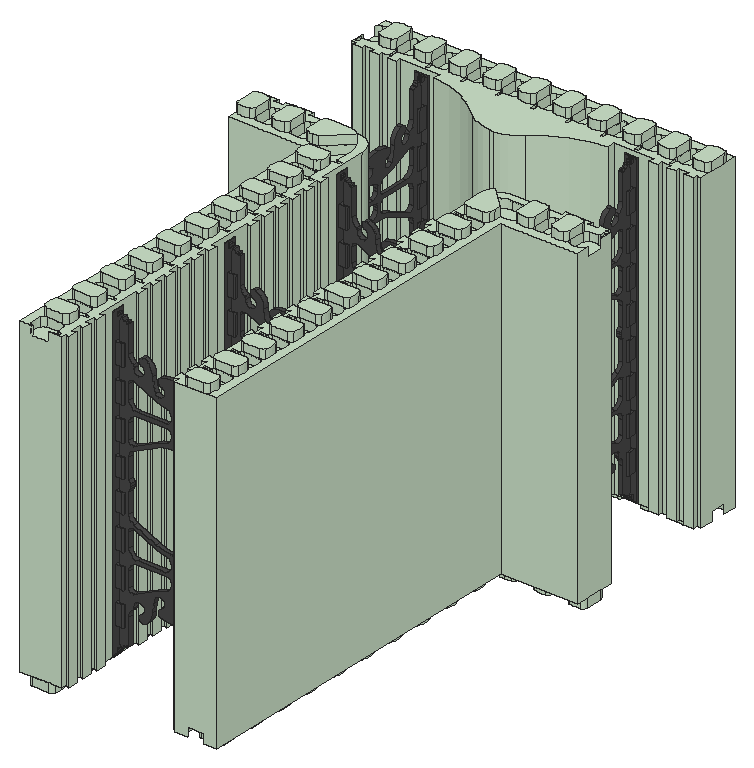
Revit family (continued)
Forms (in)
  Extrusion 47, void
    sketch origin (0, 12, 0) x (-1, 0, 0) y (0, -1, 0)
      loop
        arc (-5.13595, 25.17306) -> (-5.04517, 25.04783) -> (-4.89808, 24.99998) r 0.25
        line (-4.89808, 24.99998) -> (-3.97692, 24.99998)
        arc (-3.97692, 24.99998) -> (-3.82983, 25.04783) -> (-3.73905, 25.17306) r 0.25
        arc (-3.73905, 25.17306) -> (-3.69045, 25.4209) -> (-3.70172, 25.67321) r 1.0625
        arc (-3.70172, 25.67321) -> (-3.68771, 25.72383) -> (-3.64005, 25.7459) r 0.0625
        line (-3.64005, 25.7459) -> (-3.41845, 25.7459) -> (-3.41845, 25.91673) -> (-3.76455, 25.91673)
        arc (-3.76455, 25.91673) -> (-3.78736, 25.92104) -> (-3.80702, 25.93338) r 0.0625
        arc (-3.80702, 25.93338) -> (-3.88568, 25.98274) -> (-3.97692, 25.99998) r 0.25
        line (-3.97692, 25.99998) -> (-4.89808, 25.99998)
        arc (-4.89808, 25.99998) -> (-5.04517, 25.95213) -> (-5.13595, 25.8269) r 0.25
        arc (-5.13595, 25.8269) -> (-5.1875, 25.49998) -> (-5.13595, 25.17306) r 1.0625
    from 0 to 0.5
  Extrusion 48, void
    sketch origin (0, 14, 0) x (-1, 0, 0) y (0, -1, 0)
      loop
        arc (-5.13595, 25.17306) -> (-5.04517, 25.04783) -> (-4.89808, 24.99998) r 0.25
        line (-4.89808, 24.99998) -> (-3.97692, 24.99998)
        arc (-3.97692, 24.99998) -> (-3.82983, 25.04783) -> (-3.73905, 25.17306) r 0.25
        arc (-3.73905, 25.17306) -> (-3.69045, 25.4209) -> (-3.70172, 25.67321) r 1.0625
        arc (-3.70172, 25.67321) -> (-3.68771, 25.72383) -> (-3.64005, 25.7459) r 0.0625
        line (-3.64005, 25.7459) -> (-3.41845, 25.7459) -> (-3.41845, 25.91673) -> (-3.76455, 25.91673)
        arc (-3.76455, 25.91673) -> (-3.78736, 25.92104) -> (-3.80702, 25.93338) r 0.0625
        arc (-3.80702, 25.93338) -> (-3.88568, 25.98274) -> (-3.97692, 25.99998) r 0.25
        line (-3.97692, 25.99998) -> (-4.89808, 25.99998)
        arc (-4.89808, 25.99998) -> (-5.04517, 25.95213) -> (-5.13595, 25.8269) r 0.25
        arc (-5.13595, 25.8269) -> (-5.1875, 25.49998) -> (-5.13595, 25.17306) r 1.0625
    from 0 to 0.5
  Extrusion 49, void
    sketch origin (0, 16, 0) x (-1, 0, 0) y (0, -1, 0)
      loop
        arc (-5.13595, 25.17306) -> (-5.04517, 25.04783) -> (-4.89808, 24.99998) r 0.25
        line (-4.89808, 24.99998) -> (-3.97692, 24.99998)
        arc (-3.97692, 24.99998) -> (-3.82983, 25.04783) -> (-3.73905, 25.17306) r 0.25
        arc (-3.73905, 25.17306) -> (-3.69045, 25.4209) -> (-3.70172, 25.67321) r 1.0625
        arc (-3.70172, 25.67321) -> (-3.68771, 25.72383) -> (-3.64005, 25.7459) r 0.0625
        line (-3.64005, 25.7459) -> (-3.41845, 25.7459) -> (-3.41845, 25.91673) -> (-3.76455, 25.91673)
        arc (-3.76455, 25.91673) -> (-3.78736, 25.92104) -> (-3.80702, 25.93338) r 0.0625
        arc (-3.80702, 25.93338) -> (-3.88568, 25.98274) -> (-3.97692, 25.99998) r 0.25
        line (-3.97692, 25.99998) -> (-4.89808, 25.99998)
        arc (-4.89808, 25.99998) -> (-5.04517, 25.95213) -> (-5.13595, 25.8269) r 0.25
        arc (-5.13595, 25.8269) -> (-5.1875, 25.49998) -> (-5.13595, 25.17306) r 1.0625
    from 0 to 0.5
  Extrusion 50, void
    sketch origin (0, 18, 0) x (-1, 0, 0) y (0, -1, 0)
      loop
        arc (-5.13595, 25.17306) -> (-5.04517, 25.04783) -> (-4.89808, 24.99998) r 0.25
        line (-4.89808, 24.99998) -> (-3.97692, 24.99998)
        arc (-3.97692, 24.99998) -> (-3.82983, 25.04783) -> (-3.73905, 25.17306) r 0.25
        arc (-3.73905, 25.17306) -> (-3.69045, 25.4209) -> (-3.70172, 25.67321) r 1.0625
        arc (-3.70172, 25.67321) -> (-3.68771, 25.72383) -> (-3.64005, 25.7459) r 0.0625
        line (-3.64005, 25.7459) -> (-3.41845, 25.7459) -> (-3.41845, 25.91673) -> (-3.76455, 25.91673)
        arc (-3.76455, 25.91673) -> (-3.78736, 25.92104) -> (-3.80702, 25.93338) r 0.0625
        arc (-3.80702, 25.93338) -> (-3.88568, 25.98274) -> (-3.97692, 25.99998) r 0.25
        line (-3.97692, 25.99998) -> (-4.89808, 25.99998)
        arc (-4.89808, 25.99998) -> (-5.04517, 25.95213) -> (-5.13595, 25.8269) r 0.25
        arc (-5.13595, 25.8269) -> (-5.1875, 25.49998) -> (-5.13595, 25.17306) r 1.0625
    from 0 to 0.5
  Extrusion 51, void
    sketch origin (0.00002, 0.00002, 0) x (0, -1, 0) y (1, 0, 0)
      loop
        arc (5.67323, 3.7017) -> (5.72385, 3.68769) -> (5.74592, 3.64003) r 0.0625
        line (5.74592, 3.64003) -> (5.74592, 3.41844) -> (5.91675, 3.41844) -> (5.91675, 3.76453)
        arc (5.91675, 3.76453) -> (5.92106, 3.78734) -> (5.9334, 3.807) r 0.0625
        arc (5.9334, 3.807) -> (5.98276, 3.88566) -> (6, 3.9769) r 0.25
        line (6, 3.9769) -> (6, 4.89806)
        arc (6, 4.89806) -> (5.95215, 5.04515) -> (5.82692, 5.13593) r 0.25
        arc (5.82692, 5.13593) -> (5.66548, 5.17452) -> (5.5, 5.18748) r 1.0625
        line (5.5, 5.18748) -> (5.1875, 5.18748) -> (3.98039, 3.98037)
        arc (3.98039, 3.98037) -> (4.30482, 3.7636) -> (4.6875, 3.68748) r 1
        line (4.6875, 3.68748) -> (5.5, 3.68748)
        arc (5.5, 3.68748) -> (5.58691, 3.69104) -> (5.67323, 3.7017) r 1.0625
    from 0 to 0.5
  Extrusion 52, void
    sketch origin (31.99998, 0.00002, 0) x (0, 1, 0) y (-1, 0, 0)
      loop
        arc (-5.13595, 25.17306) -> (-5.04517, 25.04783) -> (-4.89808, 24.99998) r 0.25
        line (-4.89808, 24.99998) -> (-3.97692, 24.99998)
        arc (-3.97692, 24.99998) -> (-3.82983, 25.04783) -> (-3.73905, 25.17306) r 0.25
        arc (-3.73905, 25.17306) -> (-3.69045, 25.4209) -> (-3.70172, 25.67321) r 1.0625
        arc (-3.70172, 25.67321) -> (-3.68771, 25.72383) -> (-3.64005, 25.7459) r 0.0625
        line (-3.64005, 25.7459) -> (-3.41845, 25.7459) -> (-3.41845, 25.91673) -> (-3.76455, 25.91673)
        arc (-3.76455, 25.91673) -> (-3.78736, 25.92104) -> (-3.80702, 25.93338) r 0.0625
        arc (-3.80702, 25.93338) -> (-3.88568, 25.98274) -> (-3.97692, 25.99998) r 0.25
        line (-3.97692, 25.99998) -> (-4.89808, 25.99998)
        arc (-4.89808, 25.99998) -> (-5.04517, 25.95213) -> (-5.13595, 25.8269) r 0.25
        arc (-5.13595, 25.8269) -> (-5.1875, 25.49998) -> (-5.13595, 25.17306) r 1.0625
    from 0 to 0.5
  Extrusion 53, void
    sketch origin (33.99998, 0.00002, 0) x (0, 1, 0) y (-1, 0, 0)
      loop
        arc (-5.13595, 25.17306) -> (-5.04517, 25.04783) -> (-4.89808, 24.99998) r 0.25
        line (-4.89808, 24.99998) -> (-3.97692, 24.99998)
        arc (-3.97692, 24.99998) -> (-3.82983, 25.04783) -> (-3.73905, 25.17306) r 0.25
        arc (-3.73905, 25.17306) -> (-3.69045, 25.4209) -> (-3.70172, 25.67321) r 1.0625
        arc (-3.70172, 25.67321) -> (-3.68771, 25.72383) -> (-3.64005, 25.7459) r 0.0625
        line (-3.64005, 25.7459) -> (-3.41845, 25.7459) -> (-3.41845, 25.91673) -> (-3.76455, 25.91673)
        arc (-3.76455, 25.91673) -> (-3.78736, 25.92104) -> (-3.80702, 25.93338) r 0.0625
        arc (-3.80702, 25.93338) -> (-3.88568, 25.98274) -> (-3.97692, 25.99998) r 0.25
        line (-3.97692, 25.99998) -> (-4.89808, 25.99998)
        arc (-4.89808, 25.99998) -> (-5.04517, 25.95213) -> (-5.13595, 25.8269) r 0.25
        arc (-5.13595, 25.8269) -> (-5.1875, 25.49998) -> (-5.13595, 25.17306) r 1.0625
    from 0 to 0.5
  Extrusion 54, void
    sketch origin (15.99998, -0.00002, 0) x (0, -1, 0) y (1, 0, 0)
      loop
        arc (-5.13595, -25.17306) -> (-5.1875, -25.49998) -> (-5.13595, -25.8269) r 1.0625
        arc (-5.13595, -25.8269) -> (-5.04517, -25.95213) -> (-4.89808, -25.99998) r 0.25
        line (-4.89808, -25.99998) -> (-3.97692, -25.99998)
        arc (-3.97692, -25.99998) -> (-3.88568, -25.98274) -> (-3.80702, -25.93338) r 0.25
        arc (-3.80702, -25.93338) -> (-3.78736, -25.92104) -> (-3.76455, -25.91673) r 0.0625
        line (-3.76455, -25.91673) -> (-3.41845, -25.91673) -> (-3.41845, -25.7459) -> (-3.64005, -25.7459)
        arc (-3.64005, -25.7459) -> (-3.68771, -25.72383) -> (-3.70172, -25.67321) r 0.0625
        arc (-3.70172, -25.67321) -> (-3.69045, -25.4209) -> (-3.73905, -25.17306) r 1.0625
        arc (-3.73905, -25.17306) -> (-3.82983, -25.04783) -> (-3.97692, -24.99998) r 0.25
        line (-3.97692, -24.99998) -> (-4.89808, -24.99998)
        arc (-4.89808, -24.99998) -> (-5.04517, -25.04783) -> (-5.13595, -25.17306) r 0.25
    from 18 to 17.5
  Extrusion 55, void
    sketch origin (17.99998, -0.00002, 0) x (0, -1, 0) y (1, 0, 0)
      loop
        arc (-5.13595, -25.17306) -> (-5.1875, -25.49998) -> (-5.13595, -25.8269) r 1.0625
        arc (-5.13595, -25.8269) -> (-5.04517, -25.95213) -> (-4.89808, -25.99998) r 0.25
        line (-4.89808, -25.99998) -> (-3.97692, -25.99998)
        arc (-3.97692, -25.99998) -> (-3.88568, -25.98274) -> (-3.80702, -25.93338) r 0.25
        arc (-3.80702, -25.93338) -> (-3.78736, -25.92104) -> (-3.76455, -25.91673) r 0.0625
        line (-3.76455, -25.91673) -> (-3.41845, -25.91673) -> (-3.41845, -25.7459) -> (-3.64005, -25.7459)
        arc (-3.64005, -25.7459) -> (-3.68771, -25.72383) -> (-3.70172, -25.67321) r 0.0625
        arc (-3.70172, -25.67321) -> (-3.69045, -25.4209) -> (-3.73905, -25.17306) r 1.0625
        arc (-3.73905, -25.17306) -> (-3.82983, -25.04783) -> (-3.97692, -24.99998) r 0.25
        line (-3.97692, -24.99998) -> (-4.89808, -24.99998)
        arc (-4.89808, -24.99998) -> (-5.04517, -25.04783) -> (-5.13595, -25.17306) r 0.25
    from 18 to 17.5
  Extrusion 56, void
    sketch origin (19.99998, -0.00002, 0) x (0, -1, 0) y (1, 0, 0)
      loop
        arc (-5.13595, -25.17306) -> (-5.1875, -25.49998) -> (-5.13595, -25.8269) r 1.0625
        arc (-5.13595, -25.8269) -> (-5.04517, -25.95213) -> (-4.89808, -25.99998) r 0.25
        line (-4.89808, -25.99998) -> (-3.97692, -25.99998)
        arc (-3.97692, -25.99998) -> (-3.88568, -25.98274) -> (-3.80702, -25.93338) r 0.25
        arc (-3.80702, -25.93338) -> (-3.78736, -25.92104) -> (-3.76455, -25.91673) r 0.0625
        line (-3.76455, -25.91673) -> (-3.41845, -25.91673) -> (-3.41845, -25.7459) -> (-3.64005, -25.7459)
        arc (-3.64005, -25.7459) -> (-3.68771, -25.72383) -> (-3.70172, -25.67321) r 0.0625
        arc (-3.70172, -25.67321) -> (-3.69045, -25.4209) -> (-3.73905, -25.17306) r 1.0625
        arc (-3.73905, -25.17306) -> (-3.82983, -25.04783) -> (-3.97692, -24.99998) r 0.25
        line (-3.97692, -24.99998) -> (-4.89808, -24.99998)
        arc (-4.89808, -24.99998) -> (-5.04517, -25.04783) -> (-5.13595, -25.17306) r 0.25
    from 18 to 17.5
  Extrusion 57, void
    sketch origin (21.99998, -0.00002, 0) x (0, -1, 0) y (1, 0, 0)
      loop
        arc (-5.13595, -25.17306) -> (-5.1875, -25.49998) -> (-5.13595, -25.8269) r 1.0625
        arc (-5.13595, -25.8269) -> (-5.04517, -25.95213) -> (-4.89808, -25.99998) r 0.25
        line (-4.89808, -25.99998) -> (-3.97692, -25.99998)
        arc (-3.97692, -25.99998) -> (-3.88568, -25.98274) -> (-3.80702, -25.93338) r 0.25
        arc (-3.80702, -25.93338) -> (-3.78736, -25.92104) -> (-3.76455, -25.91673) r 0.0625
        line (-3.76455, -25.91673) -> (-3.41845, -25.91673) -> (-3.41845, -25.7459) -> (-3.64005, -25.7459)
        arc (-3.64005, -25.7459) -> (-3.68771, -25.72383) -> (-3.70172, -25.67321) r 0.0625
        arc (-3.70172, -25.67321) -> (-3.69045, -25.4209) -> (-3.73905, -25.17306) r 1.0625
        arc (-3.73905, -25.17306) -> (-3.82983, -25.04783) -> (-3.97692, -24.99998) r 0.25
        line (-3.97692, -24.99998) -> (-4.89808, -24.99998)
        arc (-4.89808, -24.99998) -> (-5.04517, -25.04783) -> (-5.13595, -25.17306) r 0.25
    from 18 to 17.5
  Extrusion 58, void
    sketch origin (23.99998, -0.00002, 0) x (0, -1, 0) y (1, 0, 0)
      loop
        arc (-5.13595, -25.17306) -> (-5.1875, -25.49998) -> (-5.13595, -25.8269) r 1.0625
        arc (-5.13595, -25.8269) -> (-5.04517, -25.95213) -> (-4.89808, -25.99998) r 0.25
        line (-4.89808, -25.99998) -> (-3.97692, -25.99998)
        arc (-3.97692, -25.99998) -> (-3.88568, -25.98274) -> (-3.80702, -25.93338) r 0.25
        arc (-3.80702, -25.93338) -> (-3.78736, -25.92104) -> (-3.76455, -25.91673) r 0.0625
        line (-3.76455, -25.91673) -> (-3.41845, -25.91673) -> (-3.41845, -25.7459) -> (-3.64005, -25.7459)
        arc (-3.64005, -25.7459) -> (-3.68771, -25.72383) -> (-3.70172, -25.67321) r 0.0625
        arc (-3.70172, -25.67321) -> (-3.69045, -25.4209) -> (-3.73905, -25.17306) r 1.0625
        arc (-3.73905, -25.17306) -> (-3.82983, -25.04783) -> (-3.97692, -24.99998) r 0.25
        line (-3.97692, -24.99998) -> (-4.89808, -24.99998)
        arc (-4.89808, -24.99998) -> (-5.04517, -25.04783) -> (-5.13595, -25.17306) r 0.25
    from 18 to 17.5
  Extrusion 59, void
    sketch origin (25.99998, -0.00002, 0) x (0, -1, 0) y (1, 0, 0)
      loop
        arc (-5.13595, -25.17306) -> (-5.1875, -25.49998) -> (-5.13595, -25.8269) r 1.0625
        arc (-5.13595, -25.8269) -> (-5.04517, -25.95213) -> (-4.89808, -25.99998) r 0.25
        line (-4.89808, -25.99998) -> (-3.97692, -25.99998)
        arc (-3.97692, -25.99998) -> (-3.88568, -25.98274) -> (-3.80702, -25.93338) r 0.25
        arc (-3.80702, -25.93338) -> (-3.78736, -25.92104) -> (-3.76455, -25.91673) r 0.0625
        line (-3.76455, -25.91673) -> (-3.41845, -25.91673) -> (-3.41845, -25.7459) -> (-3.64005, -25.7459)
        arc (-3.64005, -25.7459) -> (-3.68771, -25.72383) -> (-3.70172, -25.67321) r 0.0625
        arc (-3.70172, -25.67321) -> (-3.69045, -25.4209) -> (-3.73905, -25.17306) r 1.0625
        arc (-3.73905, -25.17306) -> (-3.82983, -25.04783) -> (-3.97692, -24.99998) r 0.25
        line (-3.97692, -24.99998) -> (-4.89808, -24.99998)
        arc (-4.89808, -24.99998) -> (-5.04517, -25.04783) -> (-5.13595, -25.17306) r 0.25
    from 18 to 17.5
  Extrusion 60, void
    sketch origin (27.99998, -0.00002, 0) x (0, -1, 0) y (1, 0, 0)
      loop
        arc (-5.13595, -25.17306) -> (-5.1875, -25.49998) -> (-5.13595, -25.8269) r 1.0625
        arc (-5.13595, -25.8269) -> (-5.04517, -25.95213) -> (-4.89808, -25.99998) r 0.25
        line (-4.89808, -25.99998) -> (-3.97692, -25.99998)
        arc (-3.97692, -25.99998) -> (-3.88568, -25.98274) -> (-3.80702, -25.93338) r 0.25
        arc (-3.80702, -25.93338) -> (-3.78736, -25.92104) -> (-3.76455, -25.91673) r 0.0625
        line (-3.76455, -25.91673) -> (-3.41845, -25.91673) -> (-3.41845, -25.7459) -> (-3.64005, -25.7459)
        arc (-3.64005, -25.7459) -> (-3.68771, -25.72383) -> (-3.70172, -25.67321) r 0.0625
        arc (-3.70172, -25.67321) -> (-3.69045, -25.4209) -> (-3.73905, -25.17306) r 1.0625
        arc (-3.73905, -25.17306) -> (-3.82983, -25.04783) -> (-3.97692, -24.99998) r 0.25
        line (-3.97692, -24.99998) -> (-4.89808, -24.99998)
        arc (-4.89808, -24.99998) -> (-5.04517, -25.04783) -> (-5.13595, -25.17306) r 0.25
    from 18 to 17.5
  Extrusion 61, void
    sketch origin (29.99998, -0.00002, 0) x (0, -1, 0) y (1, 0, 0)
      loop
        arc (-5.13595, -25.17306) -> (-5.1875, -25.49998) -> (-5.13595, -25.8269) r 1.0625
        arc (-5.13595, -25.8269) -> (-5.04517, -25.95213) -> (-4.89808, -25.99998) r 0.25
        line (-4.89808, -25.99998) -> (-3.97692, -25.99998)
        arc (-3.97692, -25.99998) -> (-3.88568, -25.98274) -> (-3.80702, -25.93338) r 0.25
        arc (-3.80702, -25.93338) -> (-3.78736, -25.92104) -> (-3.76455, -25.91673) r 0.0625
        line (-3.76455, -25.91673) -> (-3.41845, -25.91673) -> (-3.41845, -25.7459) -> (-3.64005, -25.7459)
        arc (-3.64005, -25.7459) -> (-3.68771, -25.72383) -> (-3.70172, -25.67321) r 0.0625
        arc (-3.70172, -25.67321) -> (-3.69045, -25.4209) -> (-3.73905, -25.17306) r 1.0625
        arc (-3.73905, -25.17306) -> (-3.82983, -25.04783) -> (-3.97692, -24.99998) r 0.25
        line (-3.97692, -24.99998) -> (-4.89808, -24.99998)
        arc (-4.89808, -24.99998) -> (-5.04517, -25.04783) -> (-5.13595, -25.17306) r 0.25
    from 18 to 17.5
  Extrusion 62, void
    sketch origin (31.99998, -0.00002, 0) x (0, -1, 0) y (1, 0, 0)
      loop
        arc (-5.13595, -25.17306) -> (-5.1875, -25.49998) -> (-5.13595, -25.8269) r 1.0625
        arc (-5.13595, -25.8269) -> (-5.04517, -25.95213) -> (-4.89808, -25.99998) r 0.25
        line (-4.89808, -25.99998) -> (-3.97692, -25.99998)
        arc (-3.97692, -25.99998) -> (-3.88568, -25.98274) -> (-3.80702, -25.93338) r 0.25
        arc (-3.80702, -25.93338) -> (-3.78736, -25.92104) -> (-3.76455, -25.91673) r 0.0625
        line (-3.76455, -25.91673) -> (-3.41845, -25.91673) -> (-3.41845, -25.7459) -> (-3.64005, -25.7459)
        arc (-3.64005, -25.7459) -> (-3.68771, -25.72383) -> (-3.70172, -25.67321) r 0.0625
        arc (-3.70172, -25.67321) -> (-3.69045, -25.4209) -> (-3.73905, -25.17306) r 1.0625
        arc (-3.73905, -25.17306) -> (-3.82983, -25.04783) -> (-3.97692, -24.99998) r 0.25
        line (-3.97692, -24.99998) -> (-4.89808, -24.99998)
        arc (-4.89808, -24.99998) -> (-5.04517, -25.04783) -> (-5.13595, -25.17306) r 0.25
    from 18 to 17.5
  Extrusion 63, void
    sketch origin (33.99998, -0.00002, 0) x (0, -1, 0) y (1, 0, 0)
      loop
        arc (-5.13595, -25.17306) -> (-5.1875, -25.49998) -> (-5.13595, -25.8269) r 1.0625
        arc (-5.13595, -25.8269) -> (-5.04517, -25.95213) -> (-4.89808, -25.99998) r 0.25
        line (-4.89808, -25.99998) -> (-3.97692, -25.99998)
        arc (-3.97692, -25.99998) -> (-3.88568, -25.98274) -> (-3.80702, -25.93338) r 0.25
        arc (-3.80702, -25.93338) -> (-3.78736, -25.92104) -> (-3.76455, -25.91673) r 0.0625
        line (-3.76455, -25.91673) -> (-3.41845, -25.91673) -> (-3.41845, -25.7459) -> (-3.64005, -25.7459)
        arc (-3.64005, -25.7459) -> (-3.68771, -25.72383) -> (-3.70172, -25.67321) r 0.0625
        arc (-3.70172, -25.67321) -> (-3.69045, -25.4209) -> (-3.73905, -25.17306) r 1.0625
        arc (-3.73905, -25.17306) -> (-3.82983, -25.04783) -> (-3.97692, -24.99998) r 0.25
        line (-3.97692, -24.99998) -> (-4.89808, -24.99998)
        arc (-4.89808, -24.99998) -> (-5.04517, -25.04783) -> (-5.13595, -25.17306) r 0.25
    from 18 to 17.5
  Extrusion 64, void
    sketch origin (-33.99998, -0.00002, 0) x (0, -1, 0) y (1, 0, 0)
      loop
        arc (-5.13595, 25.17306) -> (-5.04517, 25.04783) -> (-4.89808, 24.99998) r 0.25
        line (-4.89808, 24.99998) -> (-3.97692, 24.99998)
        arc (-3.97692, 24.99998) -> (-3.82983, 25.04783) -> (-3.73905, 25.17306) r 0.25
        arc (-3.73905, 25.17306) -> (-3.69045, 25.4209) -> (-3.70172, 25.67321) r 1.0625
        arc (-3.70172, 25.67321) -> (-3.68771, 25.72383) -> (-3.64005, 25.7459) r 0.0625
        line (-3.64005, 25.7459) -> (-3.41845, 25.7459) -> (-3.41845, 25.91673) -> (-3.76455, 25.91673)
        arc (-3.76455, 25.91673) -> (-3.78736, 25.92104) -> (-3.80702, 25.93338) r 0.0625
        arc (-3.80702, 25.93338) -> (-3.88568, 25.98274) -> (-3.97692, 25.99998) r 0.25
        line (-3.97692, 25.99998) -> (-4.89808, 25.99998)
        arc (-4.89808, 25.99998) -> (-5.04517, 25.95213) -> (-5.13595, 25.8269) r 0.25
        arc (-5.13595, 25.8269) -> (-5.1875, 25.49998) -> (-5.13595, 25.17306) r 1.0625
    from 0 to 0.5
  Extrusion 65, void
    sketch origin (-31.99998, -0.00002, 0) x (0, -1, 0) y (1, 0, 0)
      loop
        arc (-5.13595, 25.17306) -> (-5.04517, 25.04783) -> (-4.89808, 24.99998) r 0.25
        line (-4.89808, 24.99998) -> (-3.97692, 24.99998)
        arc (-3.97692, 24.99998) -> (-3.82983, 25.04783) -> (-3.73905, 25.17306) r 0.25
        arc (-3.73905, 25.17306) -> (-3.69045, 25.4209) -> (-3.70172, 25.67321) r 1.0625
        arc (-3.70172, 25.67321) -> (-3.68771, 25.72383) -> (-3.64005, 25.7459) r 0.0625
        line (-3.64005, 25.7459) -> (-3.41845, 25.7459) -> (-3.41845, 25.91673) -> (-3.76455, 25.91673)
        arc (-3.76455, 25.91673) -> (-3.78736, 25.92104) -> (-3.80702, 25.93338) r 0.0625
        arc (-3.80702, 25.93338) -> (-3.88568, 25.98274) -> (-3.97692, 25.99998) r 0.25
        line (-3.97692, 25.99998) -> (-4.89808, 25.99998)
        arc (-4.89808, 25.99998) -> (-5.04517, 25.95213) -> (-5.13595, 25.8269) r 0.25
        arc (-5.13595, 25.8269) -> (-5.1875, 25.49998) -> (-5.13595, 25.17306) r 1.0625
    from 0 to 0.5
  Extrusion 66, void
    sketch origin (-29.99998, -0.00002, 0) x (0, -1, 0) y (1, 0, 0)
      loop
        arc (-5.13595, 25.17306) -> (-5.04517, 25.04783) -> (-4.89808, 24.99998) r 0.25
        line (-4.89808, 24.99998) -> (-3.97692, 24.99998)
        arc (-3.97692, 24.99998) -> (-3.82983, 25.04783) -> (-3.73905, 25.17306) r 0.25
        arc (-3.73905, 25.17306) -> (-3.69045, 25.4209) -> (-3.70172, 25.67321) r 1.0625
        arc (-3.70172, 25.67321) -> (-3.68771, 25.72383) -> (-3.64005, 25.7459) r 0.0625
        line (-3.64005, 25.7459) -> (-3.41845, 25.7459) -> (-3.41845, 25.91673) -> (-3.76455, 25.91673)
        arc (-3.76455, 25.91673) -> (-3.78736, 25.92104) -> (-3.80702, 25.93338) r 0.0625
        arc (-3.80702, 25.93338) -> (-3.88568, 25.98274) -> (-3.97692, 25.99998) r 0.25
        line (-3.97692, 25.99998) -> (-4.89808, 25.99998)
        arc (-4.89808, 25.99998) -> (-5.04517, 25.95213) -> (-5.13595, 25.8269) r 0.25
        arc (-5.13595, 25.8269) -> (-5.1875, 25.49998) -> (-5.13595, 25.17306) r 1.0625
    from 0 to 0.5
  Extrusion 67, void
    sketch origin (-27.99998, -0.00002, 0) x (0, -1, 0) y (1, 0, 0)
      loop
        arc (-5.13595, 25.17306) -> (-5.04517, 25.04783) -> (-4.89808, 24.99998) r 0.25
        line (-4.89808, 24.99998) -> (-3.97692, 24.99998)
        arc (-3.97692, 24.99998) -> (-3.82983, 25.04783) -> (-3.73905, 25.17306) r 0.25
        arc (-3.73905, 25.17306) -> (-3.69045, 25.4209) -> (-3.70172, 25.67321) r 1.0625
        arc (-3.70172, 25.67321) -> (-3.68771, 25.72383) -> (-3.64005, 25.7459) r 0.0625
        line (-3.64005, 25.7459) -> (-3.41845, 25.7459) -> (-3.41845, 25.91673) -> (-3.76455, 25.91673)
        arc (-3.76455, 25.91673) -> (-3.78736, 25.92104) -> (-3.80702, 25.93338) r 0.0625
        arc (-3.80702, 25.93338) -> (-3.88568, 25.98274) -> (-3.97692, 25.99998) r 0.25
        line (-3.97692, 25.99998) -> (-4.89808, 25.99998)
        arc (-4.89808, 25.99998) -> (-5.04517, 25.95213) -> (-5.13595, 25.8269) r 0.25
        arc (-5.13595, 25.8269) -> (-5.1875, 25.49998) -> (-5.13595, 25.17306) r 1.0625
    from 0 to 0.5
  Extrusion 68, void
    sketch origin (-25.99998, -0.00002, 0) x (0, -1, 0) y (1, 0, 0)
      loop
        arc (-5.13595, 25.17306) -> (-5.04517, 25.04783) -> (-4.89808, 24.99998) r 0.25
        line (-4.89808, 24.99998) -> (-3.97692, 24.99998)
        arc (-3.97692, 24.99998) -> (-3.82983, 25.04783) -> (-3.73905, 25.17306) r 0.25
        arc (-3.73905, 25.17306) -> (-3.69045, 25.4209) -> (-3.70172, 25.67321) r 1.0625
        arc (-3.70172, 25.67321) -> (-3.68771, 25.72383) -> (-3.64005, 25.7459) r 0.0625
        line (-3.64005, 25.7459) -> (-3.41845, 25.7459) -> (-3.41845, 25.91673) -> (-3.76455, 25.91673)
        arc (-3.76455, 25.91673) -> (-3.78736, 25.92104) -> (-3.80702, 25.93338) r 0.0625
        arc (-3.80702, 25.93338) -> (-3.88568, 25.98274) -> (-3.97692, 25.99998) r 0.25
        line (-3.97692, 25.99998) -> (-4.89808, 25.99998)
        arc (-4.89808, 25.99998) -> (-5.04517, 25.95213) -> (-5.13595, 25.8269) r 0.25
        arc (-5.13595, 25.8269) -> (-5.1875, 25.49998) -> (-5.13595, 25.17306) r 1.0625
    from 0 to 0.5
  Extrusion 69, void
    sketch origin (-23.99998, -0.00002, 0) x (0, -1, 0) y (1, 0, 0)
      loop
        arc (-5.13595, 25.17306) -> (-5.04517, 25.04783) -> (-4.89808, 24.99998) r 0.25
        line (-4.89808, 24.99998) -> (-3.97692, 24.99998)
        arc (-3.97692, 24.99998) -> (-3.82983, 25.04783) -> (-3.73905, 25.17306) r 0.25
        arc (-3.73905, 25.17306) -> (-3.69045, 25.4209) -> (-3.70172, 25.67321) r 1.0625
        arc (-3.70172, 25.67321) -> (-3.68771, 25.72383) -> (-3.64005, 25.7459) r 0.0625
        line (-3.64005, 25.7459) -> (-3.41845, 25.7459) -> (-3.41845, 25.91673) -> (-3.76455, 25.91673)
        arc (-3.76455, 25.91673) -> (-3.78736, 25.92104) -> (-3.80702, 25.93338) r 0.0625
        arc (-3.80702, 25.93338) -> (-3.88568, 25.98274) -> (-3.97692, 25.99998) r 0.25
        line (-3.97692, 25.99998) -> (-4.89808, 25.99998)
        arc (-4.89808, 25.99998) -> (-5.04517, 25.95213) -> (-5.13595, 25.8269) r 0.25
        arc (-5.13595, 25.8269) -> (-5.1875, 25.49998) -> (-5.13595, 25.17306) r 1.0625
    from 0 to 0.5
  Extrusion 70, void
    sketch origin (-21.99998, -0.00002, 0) x (0, -1, 0) y (1, 0, 0)
      loop
        arc (-5.13595, 25.17306) -> (-5.04517, 25.04783) -> (-4.89808, 24.99998) r 0.25
        line (-4.89808, 24.99998) -> (-3.97692, 24.99998)
        arc (-3.97692, 24.99998) -> (-3.82983, 25.04783) -> (-3.73905, 25.17306) r 0.25
        arc (-3.73905, 25.17306) -> (-3.69045, 25.4209) -> (-3.70172, 25.67321) r 1.0625
        arc (-3.70172, 25.67321) -> (-3.68771, 25.72383) -> (-3.64005, 25.7459) r 0.0625
        line (-3.64005, 25.7459) -> (-3.41845, 25.7459) -> (-3.41845, 25.91673) -> (-3.76455, 25.91673)
        arc (-3.76455, 25.91673) -> (-3.78736, 25.92104) -> (-3.80702, 25.93338) r 0.0625
        arc (-3.80702, 25.93338) -> (-3.88568, 25.98274) -> (-3.97692, 25.99998) r 0.25
        line (-3.97692, 25.99998) -> (-4.89808, 25.99998)
        arc (-4.89808, 25.99998) -> (-5.04517, 25.95213) -> (-5.13595, 25.8269) r 0.25
        arc (-5.13595, 25.8269) -> (-5.1875, 25.49998) -> (-5.13595, 25.17306) r 1.0625
    from 0 to 0.5
  Extrusion 71, void
    sketch origin (-19.99998, -0.00002, 0) x (0, -1, 0) y (1, 0, 0)
      loop
        arc (-5.13595, 25.17306) -> (-5.04517, 25.04783) -> (-4.89808, 24.99998) r 0.25
        line (-4.89808, 24.99998) -> (-3.97692, 24.99998)
        arc (-3.97692, 24.99998) -> (-3.82983, 25.04783) -> (-3.73905, 25.17306) r 0.25
        arc (-3.73905, 25.17306) -> (-3.69045, 25.4209) -> (-3.70172, 25.67321) r 1.0625
        arc (-3.70172, 25.67321) -> (-3.68771, 25.72383) -> (-3.64005, 25.7459) r 0.0625
        line (-3.64005, 25.7459) -> (-3.41845, 25.7459) -> (-3.41845, 25.91673) -> (-3.76455, 25.91673)
        arc (-3.76455, 25.91673) -> (-3.78736, 25.92104) -> (-3.80702, 25.93338) r 0.0625
        arc (-3.80702, 25.93338) -> (-3.88568, 25.98274) -> (-3.97692, 25.99998) r 0.25
        line (-3.97692, 25.99998) -> (-4.89808, 25.99998)
        arc (-4.89808, 25.99998) -> (-5.04517, 25.95213) -> (-5.13595, 25.8269) r 0.25
        arc (-5.13595, 25.8269) -> (-5.1875, 25.49998) -> (-5.13595, 25.17306) r 1.0625
    from 0 to 0.5
  Extrusion 72, void
    sketch origin (-17.99998, -0.00002, 0) x (0, -1, 0) y (1, 0, 0)
      loop
        arc (-5.13595, 25.17306) -> (-5.04517, 25.04783) -> (-4.89808, 24.99998) r 0.25
        line (-4.89808, 24.99998) -> (-3.97692, 24.99998)
        arc (-3.97692, 24.99998) -> (-3.82983, 25.04783) -> (-3.73905, 25.17306) r 0.25
        arc (-3.73905, 25.17306) -> (-3.69045, 25.4209) -> (-3.70172, 25.67321) r 1.0625
        arc (-3.70172, 25.67321) -> (-3.68771, 25.72383) -> (-3.64005, 25.7459) r 0.0625
        line (-3.64005, 25.7459) -> (-3.41845, 25.7459) -> (-3.41845, 25.91673) -> (-3.76455, 25.91673)
        arc (-3.76455, 25.91673) -> (-3.78736, 25.92104) -> (-3.80702, 25.93338) r 0.0625
        arc (-3.80702, 25.93338) -> (-3.88568, 25.98274) -> (-3.97692, 25.99998) r 0.25
        line (-3.97692, 25.99998) -> (-4.89808, 25.99998)
        arc (-4.89808, 25.99998) -> (-5.04517, 25.95213) -> (-5.13595, 25.8269) r 0.25
        arc (-5.13595, 25.8269) -> (-5.1875, 25.49998) -> (-5.13595, 25.17306) r 1.0625
    from 0 to 0.5
  Extrusion 73, void
    sketch origin (-15.99998, -0.00002, 0) x (0, -1, 0) y (1, 0, 0)
      loop
        arc (-5.13595, 25.17306) -> (-5.04517, 25.04783) -> (-4.89808, 24.99998) r 0.25
        line (-4.89808, 24.99998) -> (-3.97692, 24.99998)
        arc (-3.97692, 24.99998) -> (-3.82983, 25.04783) -> (-3.73905, 25.17306) r 0.25
        arc (-3.73905, 25.17306) -> (-3.69045, 25.4209) -> (-3.70172, 25.67321) r 1.0625
        arc (-3.70172, 25.67321) -> (-3.68771, 25.72383) -> (-3.64005, 25.7459) r 0.0625
        line (-3.64005, 25.7459) -> (-3.41845, 25.7459) -> (-3.41845, 25.91673) -> (-3.76455, 25.91673)
        arc (-3.76455, 25.91673) -> (-3.78736, 25.92104) -> (-3.80702, 25.93338) r 0.0625
        arc (-3.80702, 25.93338) -> (-3.88568, 25.98274) -> (-3.97692, 25.99998) r 0.25
        line (-3.97692, 25.99998) -> (-4.89808, 25.99998)
        arc (-4.89808, 25.99998) -> (-5.04517, 25.95213) -> (-5.13595, 25.8269) r 0.25
        arc (-5.13595, 25.8269) -> (-5.1875, 25.49998) -> (-5.13595, 25.17306) r 1.0625
    from 0 to 0.5
  Extrusion 74, solid, material "EPS- NUDURA- Foam Panel"
    sketch origin (0, 0, 0) x (1, 0, 0) y (0, 1, 0)
      loop
        arc (3.98039, -3.98037) -> (3.76362, -4.3048) -> (3.6875, -4.68748) r 1
        line (3.6875, -4.68748) -> (3.6875, -5.49998)
        arc (3.6875, -5.49998) -> (3.70047, -5.66546) -> (3.73905, -5.8269) r 1.0625
        arc (3.73905, -5.8269) -> (3.82983, -5.95213) -> (3.97692, -5.99998) r 0.25
        line (3.97692, -5.99998) -> (4.89808, -5.99998)
        arc (4.89808, -5.99998) -> (5.04517, -5.95213) -> (5.13595, -5.8269) r 0.25
        arc (5.13595, -5.8269) -> (5.17453, -5.66546) -> (5.1875, -5.49998) r 1.0625
        line (5.1875, -5.49998) -> (5.1875, -5.18748) -> (3.98039, -3.98037)
    from 18 to 18.5
  Extrusion 75, solid, material "EPS- NUDURA- Foam Panel"
    sketch origin (0, 0, 0) x (1, 0, 0) y (0, 1, 0)
      loop
        line (-4.6875, -3.68748) -> (-5.5, -3.68748)
        arc (-5.5, -3.68748) -> (-5.66548, -3.70045) -> (-5.82692, -3.73903) r 1.0625
        arc (-5.82692, -3.73903) -> (-5.95215, -3.82981) -> (-6, -3.9769) r 0.25
        line (-6, -3.9769) -> (-6, -4.89806)
        arc (-6, -4.89806) -> (-5.95215, -5.04515) -> (-5.82692, -5.13593) r 0.25
        arc (-5.82692, -5.13593) -> (-5.66548, -5.17452) -> (-5.5, -5.18748) r 1.0625
        line (-5.5, -5.18748) -> (-5.1875, -5.18748) -> (-3.98039, -3.98037)
        arc (-3.98039, -3.98037) -> (-4.30482, -3.7636) -> (-4.6875, -3.68748) r 1
    from 18 to 18.5
  Extrusion 76, solid, material "EPS- NUDURA- Foam Panel"
    sketch origin (0, 0, 0) x (1, 0, 0) y (0, 1, 0)
      loop
        line (-5.1875, -5.18748) -> (-5.1875, -5.49998)
        arc (-5.1875, -5.49998) -> (-5.17453, -5.66546) -> (-5.13595, -5.8269) r 1.0625
        arc (-5.13595, -5.8269) -> (-5.04517, -5.95213) -> (-4.89808, -5.99998) r 0.25
        line (-4.89808, -5.99998) -> (-3.97692, -5.99998)
        arc (-3.97692, -5.99998) -> (-3.82983, -5.95213) -> (-3.73905, -5.8269) r 0.25
        arc (-3.73905, -5.8269) -> (-3.70047, -5.66546) -> (-3.6875, -5.49998) r 1.0625
        line (-3.6875, -5.49998) -> (-3.6875, -4.68748)
        arc (-3.6875, -4.68748) -> (-3.76362, -4.3048) -> (-3.98039, -3.98037) r 1
        line (-3.98039, -3.98037) -> (-5.1875, -5.18748)
    from 0 to -0.5
  Extrusion 77, solid, material "EPS- NUDURA- Foam Panel"
    sketch origin (0, 0, 0) x (1, 0, 0) y (0, 1, 0)
      loop
        arc (6, -3.9769) -> (5.95215, -3.82981) -> (5.82692, -3.73903) r 0.25
        arc (5.82692, -3.73903) -> (5.66548, -3.70045) -> (5.5, -3.68748) r 1.0625
        line (5.5, -3.68748) -> (4.6875, -3.68748)
        arc (4.6875, -3.68748) -> (4.30482, -3.7636) -> (3.98039, -3.98037) r 1
        line (3.98039, -3.98037) -> (5.1875, -5.18748) -> (5.5, -5.18748)
        arc (5.5, -5.18748) -> (5.66548, -5.17452) -> (5.82692, -5.13593) r 1.0625
        arc (5.82692, -5.13593) -> (5.95215, -5.04515) -> (6, -4.89806) r 0.25
        line (6, -4.89806) -> (6, -3.9769)
    from 0 to -0.5
Cuts and joins
  Extrusion 2, Extrusion 3, Extrusion 4, Extrusion 5, Extrusion 6, Extrusion 7, Extrusion 8, Extrusion 9, Extrusion 10, Extrusion 11, Extrusion 12, Extrusion 13, Extrusion 14, Extrusion 15, Extrusion 16, Extrusion 17, Extrusion 18, Extrusion 19, Extrusion 20, Extrusion 21, Extrusion 22, Extrusion 23, Extrusion 24, Extrusion 25, Extrusion 26, Extrusion 27, Extrusion 28, Extrusion 29, Extrusion 30, Extrusion 31, Extrusion 32, Extrusion 33, Extrusion 34, Extrusion 35, Extrusion 36, Extrusion 37, Extrusion 38, Extrusion 39, Extrusion 40, Extrusion 41, Extrusion 42, Extrusion 43, Extrusion 44, Extrusion 45, Extrusion 46, Extrusion 47, Extrusion 48, Extrusion 49, Extrusion 50, Extrusion 51, Extrusion 52, Extrusion 53, Extrusion 54, Extrusion 55, Extrusion 56, Extrusion 57, Extrusion 58, Extrusion 59, Extrusion 60, Extrusion 61, Extrusion 62, Extrusion 63, Extrusion 64, Extrusion 65, Extrusion 66, Extrusion 67, Extrusion 68, Extrusion 69, Extrusion 70, Extrusion 71, Extrusion 72, Extrusion 73 cuts Extrusion 1
Lines and regions (in)
  model lines
    curve 1: line (0, 5.62502, 18) -> (0, 5.62502, 0)
    curve 2: line (-5.625, -17.99998, 18) -> (-5.625, -17.99998, 0)
    curve 3: line (-2, 5.62502, 18) -> (-2, 5.62502, 0)
Dimensions and locks (in)
  locked: plane 8 to level at 18
  plane 8 to level = 1' - 6"
  locked: plane 5 to plane 4 at 6
  locked: plane 7 to plane 6 at 6
  aligned: plane 8 to Extrusion 1
  aligned and locked: Extrusion 1 to level
  aligned: Extrusion 1 to plane 8
  aligned and locked: plane 2 to level
  aligned and locked: cut or joined group 1 (Extrusion 1, Extrusion 2, Extrusion 3, Extrusion 4, Extrusion 5, Extrusion 6, Extrusion 7, Extrusion 8, Extrusion 9, Extrusion 10, Extrusion 11, Extrusion 12, Extrusion 13, Extrusion 14, Extrusion 15, Extrusion 16, Extrusion 17, Extrusion 18, Extrusion 19, Extrusion 20, Extrusion 21, Extrusion 22, Extrusion 23, Extrusion 24, Extrusion 25, Extrusion 26, Extrusion 27, Extrusion 28, Extrusion 29, Extrusion 30, Extrusion 31, Extrusion 32, Extrusion 33, Extrusion 34, Extrusion 35, Extrusion 36, Extrusion 37, Extrusion 38, Extrusion 39, Extrusion 40, Extrusion 41, Extrusion 42, Extrusion 43, Extrusion 44, Extrusion 45, Extrusion 46, Extrusion 47, Extrusion 48, Extrusion 49, Extrusion 50, Extrusion 51, Extrusion 52, Extrusion 53, Extrusion 54, Extrusion 55, Extrusion 56, Extrusion 57, Extrusion 58, Extrusion 59, Extrusion 60, Extrusion 61, Extrusion 62, Extrusion 63, Extrusion 64, Extrusion 65, Extrusion 66, Extrusion 67, Extrusion 68, Extrusion 69, Extrusion 70, Extrusion 71, Extrusion 72, Extrusion 73) to nested 77
  aligned and locked: nested 76 to cut or joined group 1  (x2)
  aligned and locked: cut or joined group 1 to nested 74
  aligned and locked: cut or joined group 1 to nested 78
  aligned and locked: nested 80 to cut or joined group 1
  aligned and locked: cut or joined group 1 to nested 81
  aligned and locked: nested 82 to cut or joined group 1
  aligned and locked: cut or joined group 1 to nested 83
Nested families (in)
  nested 1: "Interlock Tooth" at (0, -25.99998, 0) x (0, 1, 0) z (0, 0, 1), type "Interlock Tooth"
  nested 2: "Interlock Tooth" at (0, -23.99998, 0) x (0, 1, 0) z (0, 0, 1), type "Interlock Tooth"
  nested 3: "Interlock Tooth" at (0, -21.99998, 0) x (0, 1, 0) z (0, 0, 1), type "Interlock Tooth"
  nested 4: "Interlock Tooth" at (0, -19.99998, 0) x (0, 1, 0) z (0, 0, 1), type "Interlock Tooth"
  nested 5: "Interlock Tooth" at (0, -17.99998, 0) x (0, 1, 0) z (0, 0, 1), type "Interlock Tooth"
  nested 6: "Interlock Tooth" at (0, -15.99998, 0) x (0, 1, 0) z (0, 0, 1), type "Interlock Tooth"
  nested 7: "Interlock Tooth" at (0, -13.99998, 0) x (0, 1, 0) z (0, 0, 1), type "Interlock Tooth"
  nested 8: "Interlock Tooth" at (0, -11.99998, 0) x (0, 1, 0) z (0, 0, 1), type "Interlock Tooth"
  nested 9: "Interlock Tooth" at (0, -9.99998, 0) x (0, 1, 0) z (0, 0, 1), type "Interlock Tooth"
  nested 10: "Interlock Tooth" at (0, -7.99998, 0) x (0, 1, 0) z (0, 0, 1), type "Interlock Tooth"
  nested 11: "Interlock Tooth" at (0, -24.99998, 0) x (0, 1, 0) z (0, 0, 1), type "Interlock Tooth"
  nested 12: "Interlock Tooth" at (0, -22.99998, 0) x (0, 1, 0) z (0, 0, 1), type "Interlock Tooth"
  nested 13: "Interlock Tooth" at (0, -20.99998, 0) x (0, 1, 0) z (0, 0, 1), type "Interlock Tooth"
  nested 14: "Interlock Tooth" at (0, -18.99998, 0) x (0, 1, 0) z (0, 0, 1), type "Interlock Tooth"
  nested 15: "Interlock Tooth" at (0, -16.99998, 0) x (0, 1, 0) z (0, 0, 1), type "Interlock Tooth"
  nested 16: "Interlock Tooth" at (0, -14.99998, 0) x (0, 1, 0) z (0, 0, 1), type "Interlock Tooth"
  nested 17: "Interlock Tooth" at (0, -12.99998, 0) x (0, 1, 0) z (0, 0, 1), type "Interlock Tooth"
  nested 18: "Interlock Tooth" at (0, -10.99998, 0) x (0, 1, 0) z (0, 0, 1), type "Interlock Tooth"
  nested 19: "Interlock Tooth" at (0, -8.99998, 0) x (0, 1, 0) z (0, 0, 1), type "Interlock Tooth"
  nested 20: "Interlock Tooth" at (0, -6.99998, 0) x (0, 1, 0) z (0, 0, 1), type "Interlock Tooth"
  nested 21: "Interlock Tooth" at (-10, 0.00002, 0), type "Interlock Tooth"
  nested 22: "Interlock Tooth" at (-8, 0.00002, 0), type "Interlock Tooth"
  nested 23: "Interlock Tooth" at (6, 0.00002, 0), type "Interlock Tooth"
  nested 24: "Interlock Tooth" at (8, 0.00002, 0), type "Interlock Tooth"
  nested 25: "Interlock Tooth" at (-9, 0.00002, -18.5), type "Interlock Tooth"
  nested 26: "Interlock Tooth" at (-7, 0.00002, -18.5), type "Interlock Tooth"
  nested 27: "Interlock Tooth" at (9, 0.00002, -18.5), type "Interlock Tooth"
  nested 28: "Interlock Tooth" at (7, 0.00002, -18.5), type "Interlock Tooth"
  nested 29: "Interlock Tooth" at (0, -24.99998, -18.5) x (0, -1, 0) z (0, 0, 1), type "Interlock Tooth"
  nested 30: "Interlock Tooth" at (0, -22.99998, -18.5) x (0, -1, 0) z (0, 0, 1), type "Interlock Tooth"
  nested 31: "Interlock Tooth" at (0, -20.99998, -18.5) x (0, -1, 0) z (0, 0, 1), type "Interlock Tooth"
  nested 32: "Interlock Tooth" at (0, -18.99998, -18.5) x (0, -1, 0) z (0, 0, 1), type "Interlock Tooth"
  nested 33: "Interlock Tooth" at (0, -16.99998, -18.5) x (0, -1, 0) z (0, 0, 1), type "Interlock Tooth"
  nested 34: "Interlock Tooth" at (0, -14.99998, -18.5) x (0, -1, 0) z (0, 0, 1), type "Interlock Tooth"
  nested 35: "Interlock Tooth" at (0, -12.99998, -18.5) x (0, -1, 0) z (0, 0, 1), type "Interlock Tooth"
  nested 36: "Interlock Tooth" at (0, -10.99998, -18.5) x (0, -1, 0) z (0, 0, 1), type "Interlock Tooth"
  nested 37: "Interlock Tooth" at (0, -8.99998, -18.5) x (0, -1, 0) z (0, 0, 1), type "Interlock Tooth"
  nested 38: "Interlock Tooth" at (0, -6.99998, -18.5) x (0, -1, 0) z (0, 0, 1), type "Interlock Tooth"
  nested 39: "Interlock Tooth" at (0, -24.99998, -18.5) x (0, 1, 0) z (0, 0, 1), type "Interlock Tooth"
  nested 40: "Interlock Tooth" at (0, -22.99998, -18.5) x (0, 1, 0) z (0, 0, 1), type "Interlock Tooth"
  nested 41: "Interlock Tooth" at (0, -20.99998, -18.5) x (0, 1, 0) z (0, 0, 1), type "Interlock Tooth"
  nested 42: "Interlock Tooth" at (0, -18.99998, -18.5) x (0, 1, 0) z (0, 0, 1), type "Interlock Tooth"
  nested 43: "Interlock Tooth" at (0, -16.99998, -18.5) x (0, 1, 0) z (0, 0, 1), type "Interlock Tooth"
  nested 44: "Interlock Tooth" at (0, -14.99998, -18.5) x (0, 1, 0) z (0, 0, 1), type "Interlock Tooth"
  nested 45: "Interlock Tooth" at (0, -12.99998, -18.5) x (0, 1, 0) z (0, 0, 1), type "Interlock Tooth"
  nested 46: "Interlock Tooth" at (0, -10.99998, -18.5) x (0, 1, 0) z (0, 0, 1), type "Interlock Tooth"
  nested 47: "Interlock Tooth" at (0, -8.99998, -18.5) x (0, 1, 0) z (0, 0, 1), type "Interlock Tooth"
  nested 48: "Interlock Tooth" at (0, -6.99998, -18.5) x (0, 1, 0) z (0, 0, 1), type "Interlock Tooth"
  nested 49: "Interlock Tooth" at (-8, -0.00002, 0) x (-1, 0, 0) z (0, 0, 1), type "Interlock Tooth"
  nested 50: "Interlock Tooth" at (-9, -0.00002, -18.5) x (-1, 0, 0) z (0, 0, 1), type "Interlock Tooth"
  nested 51: "Interlock Tooth" at (-6, -0.00002, 0) x (-1, 0, 0) z (0, 0, 1), type "Interlock Tooth"
  nested 52: "Interlock Tooth" at (-7, -0.00002, -18.5) x (-1, 0, 0) z (0, 0, 1), type "Interlock Tooth"
  nested 53: "Interlock Tooth" at (-4, -0.00002, 0) x (-1, 0, 0) z (0, 0, 1), type "Interlock Tooth"
  nested 54: "Interlock Tooth" at (-5, -0.00002, -18.5) x (-1, 0, 0) z (0, 0, 1), type "Interlock Tooth"
  nested 55: "Interlock Tooth" at (-2, -0.00002, 0) x (-1, 0, 0) z (0, 0, 1), type "Interlock Tooth"
  nested 56: "Interlock Tooth" at (-3, -0.00002, -18.5) x (-1, 0, 0) z (0, 0, 1), type "Interlock Tooth"
  nested 57: "Interlock Tooth" at (0, -0.00002, 0) x (-1, 0, 0) z (0, 0, 1), type "Interlock Tooth"
  nested 58: "Interlock Tooth" at (-1, -0.00002, -18.5) x (-1, 0, 0) z (0, 0, 1), type "Interlock Tooth"
  nested 59: "Interlock Tooth" at (2, -0.00002, 0) x (-1, 0, 0) z (0, 0, 1), type "Interlock Tooth"
  nested 60: "Interlock Tooth" at (1, -0.00002, -18.5) x (-1, 0, 0) z (0, 0, 1), type "Interlock Tooth"
  nested 61: "Interlock Tooth" at (4, -0.00002, 0) x (-1, 0, 0) z (0, 0, 1), type "Interlock Tooth"
  nested 62: "Interlock Tooth" at (3, -0.00002, -18.5) x (-1, 0, 0) z (0, 0, 1), type "Interlock Tooth"
  nested 63: "Interlock Tooth" at (6, -0.00002, 0) x (-1, 0, 0) z (0, 0, 1), type "Interlock Tooth"
  nested 64: "Interlock Tooth" at (5, -0.00002, -18.5) x (-1, 0, 0) z (0, 0, 1), type "Interlock Tooth"
  nested 65: "Interlock Tooth" at (8, -0.00002, 0) x (-1, 0, 0) z (0, 0, 1), type "Interlock Tooth"
  nested 66: "Interlock Tooth" at (7, -0.00002, -18.5) x (-1, 0, 0) z (0, 0, 1), type "Interlock Tooth"
  nested 67: "Interlock Tooth" at (10, -0.00002, 0) x (-1, 0, 0) z (0, 0, 1), type "Interlock Tooth"
  nested 68: "Interlock Tooth" at (9, -0.00002, -18.5) x (-1, 0, 0) z (0, 0, 1), type "Interlock Tooth"
  nested 69: "6 inch Insert Web" at (-6, 0.00002, 0), type "6 inch Insert Web"
  nested 70: "6 inch Insert Web" at (6, 0.00002, 0), type "6 inch Insert Web"
  nested 71: "6 inch Insert Web" at (0, -21.99998, 0) x (0, 1, 0) z (0, 0, 1), type "6 inch Insert Web"
  nested 72: "6 inch Insert Web" at (0, -13.99998, 0) x (0, 1, 0) z (0, 0, 1), type "6 inch Insert Web"
  nested 73: "6 inch Insert Web" at (0, -6, 0) x (0, 1, 0) z (0, 0, 1), type "6 inch Insert Web"
  nested 74: "NUDURA Diamond Pattern" at (-11.25, -17.99998, 0) x (0, 1, 0) z (0, 0, 1), type "NUDURA Diamond Pattern"
  nested 75: "NUDURA Diamond Pattern" at (11.25, -17.99998, 0) x (0, 1, 0) z (0, 0, 1), type "NUDURA Diamond Pattern"
  nested 76: "NUDURA Logo Diamond" at (5.625, -33.99742, 0) x (0, 1, 0) z (0, 0, 1), type "NUDURA Logo Diamond"
  nested 77: "NUDURA Logo Diamond" at (-5.625, -10.00254, 0) x (0, -1, 0) z (0, 0, 1), type "NUDURA Logo Diamond"
  nested 78: "NUDURA Diamond Pattern Missing Two Lines" at (-11.25, -9.99998, 0) x (0, 1, 0) z (0, 0, 1), type "NUDURA Diamond Pattern minus Two lines"
  nested 79: "NUDURA Diamond Pattern Missing Two Lines" at (-10, 0, 0), type "NUDURA Diamond Pattern minus Two lines"
  nested 80: "NUDURA Diamond Pattern Missing Two Lines" at (0, -9.99998, 0) x (0, 1, 0) z (0, 0, 1), type "NUDURA Diamond Pattern minus Two lines"
  nested 81: "NUDURA Diamond Pattern Missing Two Lines" at (10, -11.24998, 0) x (-1, 0, 0) z (0, 0, 1), type "NUDURA Diamond Pattern minus Two lines"
  nested 82: "NUDURA Logo Diamond" at (17.99744, 5.625, 0) x (-1, 0, 0) z (0, 0, 1), type "NUDURA Logo Diamond"
  nested 83: "NUDURA Logo Diamond" at (5.99744, 5.625, 0) x (-1, 0, 0) z (0, 0, 1), type "NUDURA Logo Diamond"
Definition of nested family "Interlock Tooth"
  Reference planes (in)
    plane 1 "Center (Front/Back)": y = 0
    plane 2: z = 0
    plane 3 "Center (Left/Right)": x = 0
    plane 4: z = 18
    plane 5: z = 18.5
    plane 6: z = -0.5
  Forms (in)
    Extrusion 1, solid, material "EPS- NUDURA- Foam Panel"
      sketch origin (0, -8.875, 0) x (1, 0, 0) y (0, 1, 0)
        loop
          arc (0, 3.97692) -> (0.04785, 3.82983) -> (0.17308, 3.73905) r 0.25
          arc (0.17308, 3.73905) -> (0.5, 3.6875) -> (0.82692, 3.73905) r 1.0625
          arc (0.82692, 3.73905) -> (0.95215, 3.82983) -> (1, 3.97692) r 0.25
          line (1, 3.97692) -> (1, 4.89808)
          arc (1, 4.89808) -> (0.95215, 5.04517) -> (0.82692, 5.13595) r 0.25
          arc (0.82692, 5.13595) -> (0.5, 5.1875) -> (0.17308, 5.13595) r 1.0625
          arc (0.17308, 5.13595) -> (0.04785, 5.04517) -> (0, 4.89808) r 0.25
          line (0, 4.89808) -> (0, 3.97692)
      from 18 to 18.5
  Dimensions and locks (in)
    locked: plane 4 to level at 18
    locked: plane 4 to plane 5 at 0.5
    locked: plane 6 to level at 0.5
Definition of nested family "6 inch Insert Web"
  Reference planes (in)
    plane 1 "Center (Front/Back)": y = 0
    plane 2: z = 0
    plane 3 "Center (Left/Right)": x = 0
  Forms (in)
    Extrusion 1, solid, material "High Density Polystyrene- NUDURA"
      sketch origin (0, 0, 0) x (0, 1, 0) y (0, 0, 1)
        loop
          line (3.25, 0) -> (3.25, 17.74583)
          arc (3.25, 17.74583) -> (3.22112, 17.72608) -> (3.21, 17.69292) r 0.055
          line (3.21, 17.69292) -> (3.21, 0.05292)
          arc (3.21, 0.05292) -> (3.22112, 0.01975) -> (3.25, 0) r 0.055
        loop
          arc (-3.25, 0) -> (-3.22112, 0.01975) -> (-3.21, 0.05292) r 0.055
          line (-3.21, 0.05292) -> (-3.21, 17.69292)
          arc (-3.21, 17.69292) -> (-3.22112, 17.72608) -> (-3.25, 17.74583) r 0.055
          line (-3.25, 17.74583) -> (-3.25, 0)
      from 0.36328 to -0.36328
    Extrusion 2, solid, material "Polypropylene- NUDURA"
      sketch origin (0, 0, 0) x (0, 1, 0) y (0, 0, 1)
        loop
          arc (3.18889, 17.40785) -> (3.20374, 17.40241) -> (3.21, 17.38789) r 0.02
          line (3.21, 17.38789) -> (3.21, 17.63668)
          arc (3.21, 17.63668) -> (3.20585, 17.62147) -> (3.19457, 17.61045) r 0.03
          line (3.19457, 17.61045) -> (3.12543, 17.57204)
          arc (3.12543, 17.57204) -> (3.11414, 17.56103) -> (3.11, 17.54582) r 0.03
          line (3.11, 17.54582) -> (3.11, 17.42461)
          arc (3.11, 17.42461) -> (3.11625, 17.41008) -> (3.13111, 17.40464) r 0.02
          line (3.13111, 17.40464) -> (3.18889, 17.40785)
        loop
          line (-3.12543, 17.57204) -> (-3.19457, 17.61045)
          arc (-3.19457, 17.61045) -> (-3.20585, 17.62147) -> (-3.21, 17.63668) r 0.03
          line (-3.21, 17.63668) -> (-3.21, 17.38789)
          arc (-3.21, 17.38789) -> (-3.20374, 17.40241) -> (-3.18889, 17.40785) r 0.02
          line (-3.18889, 17.40785) -> (-3.13111, 17.40464)
